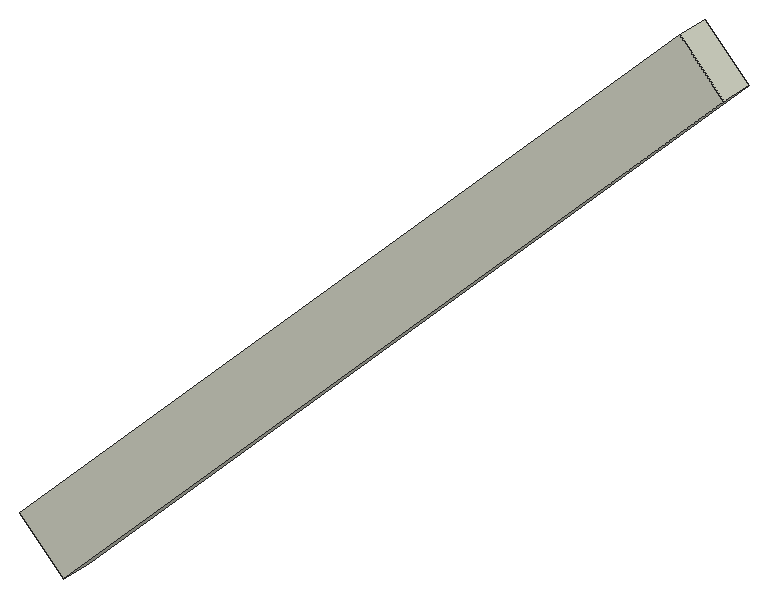
Revit family "グレーチング_H形鋼", category Generic Models, Revit 2020
Family settings
  Can host rebar = No
  Round Connector Dimension = Use Diameter
  Part Type = Normal
  Work Plane-Based = Yes
  Always vertical = No
  Cut with Voids When Loaded = No
  Shared = No
  Room Calculation Point = No
Parameters (values of type "Ｈ 100 x 50")
  高さ = 100 mm
  長辺 [instance] = 長さ  # 1500 mm
  長さ [instance] = 1500 mm
  部屋名 = ""
  角度 [instance] = 45.00°
  Default Elevation = 1219.2 mm
  構造マテリアル = E614_グレーチング
  幅 = 50 mm
Types (33, lengths in mm): name | 高さ | 長辺 | 長さ | 角度 | 幅
  Ｈ 900 x 300 | 900 | 1000 | 1000 | 45.00° | 300
  Ｈ 800 x 300 | 800 | 1000 | 1000 | 45.00° | 300
  Ｈ 700 x 300 | 700 | 1000 | 1000 | 45.00° | 300
  Ｈ 588 x 300 | 588 | 1000 | 1000 | 45.00° | 300
  Ｈ 600 x 200 | 600 | 1000 | 1000 | 45.00° | 200
  Ｈ 488 x 300 | 488 | 1000 | 1000 | 45.00° | 300
  Ｈ 500 x 200 | 500 | 1000 | 1000 | 45.00° | 200
  Ｈ 440 x 300 | 440 | 1000 | 1000 | 45.00° | 300
  Ｈ 450 x 200 | 450 | 1000 | 1000 | 90.00° | 200
  Ｈ 400 x 400 | 400 | 1000 | 1000 | 45.00° | 400
  Ｈ 390 x 300 | 390 | 1000 | 1000 | 45.00° | 300
  Ｈ 400 x 200 | 400 | 1000 | 1000 | 45.00° | 200
  Ｈ 350 x 350 | 350 | 1000 | 1000 | 45.00° | 350
  Ｈ 340 x 250 | 340 | 1000 | 1000 | 45.00° | 250
  Ｈ 294 x 200 | 294 | 1000 | 1000 | 45.00° | 200
  Ｈ 244 x 175 | 244 | 1000 | 1000 | 45.00° | 175
  Ｈ 350 x 175 | 350 | 1000 | 1000 | 45.00° | 175
  Ｈ 300 x 300 | 300 | 1000 | 1000 | 45.00° | 300
  Ｈ 300 x 150 | 300 | 1000 | 1000 | 45.00° | 150
  Ｈ 250 x 250 | 250 | 1000 | 1000 | 45.00° | 250
  Ｈ 250 x 125 | 250 | 1000 | 1000 | 45.00° | 125
  Ｈ 200 x 200 | 200 | 1000 | 1000 | 45.00° | 200
  Ｈ 194 x 150 | 194 | 1000 | 1000 | 45.00° | 150
  Ｈ 200 x 100 | 200 | 1000 | 1000 | 45.00° | 100
  Ｈ 175 x 175 | 175 | 1000 | 1000 | 45.00° | 175
  Ｈ 175 x 90 | 175 | 1000 | 1000 | 45.00° | 90
  Ｈ 150 x 150 | 150 | 500 | 500 | 45.00° | 150
  Ｈ 148 x 100 | 148 | 1000 | 1000 | 45.00° | 100
  Ｈ 150 x 75 | 150 | 1000 | 1000 | 45.00° | 75
  Ｈ 125 x 125 | 125 | 500 | 500 | 45.00° | 125
  Ｈ 125 x 60 | 125 | 1000 | 1000 | 45.00° | 60
  Ｈ 100 x100 | 100 | 500 | 500 | 45.00° | 100
  Ｈ 100 x 50 | 100 | 1500 | 1500 | 45.00° | 50
Reference planes
  plane 1 "中心(正面/背面)": y = 0
  plane 2: z = 0
  plane 3 "中心(左/右)": x = 0
Lines and regions (mm)
  reference lines
    curve 1: line (0, 0, 0) -> (777.817, 0, 777.817)
    curve 2: line (35.355, 0, -35.355) -> (-35.355, 0, 35.355)
    curve 3: line (1096.016, 0, 1025.305) -> (1025.305, 0, 1096.016)
Dimensions and locks
  equal spacing: curve 2, curve 1, curve 2
  "高さ": curve 2 to curve 2
  equal spacing: curve 3, curve 1, curve 3
  "高さ": curve 3 to curve 3
  "長さ": curve 3 to curve 2
  "角度": angle level to curve 1
  angle curve 2 to curve 1 = 90.00°
  angle curve 3 to curve 1 = 90.00°
  aligned and locked: level to plane 2
  aligned and locked: level to curve 1
  aligned and locked: plane 3 "中心(左/右)" to curve 1
  aligned and locked: nested 1 to curve 1
Nested families
  nested 1: "グレーチング_H形鋼 1" at (-35.355, 0, 35.355) x (0, 1, 0) z (0.7071, 0, -0.7071), 長さ <- "長さ", type "Ｈ 100 x 50"
    with 長辺 1500 mm, 長さ 1500 mm
Definition of nested family "グレーチング_H形鋼 1"
  Parameters (values of type "Ｈ 150 x 150")
    高さ = 150 mm
    長辺 [instance] = 長さ  # 500 mm
    長さ [instance] = 500 mm
    部屋名 = ""
    Default Elevation = 1219.2 mm
    構造マテリアル = none
    幅 = 150 mm
  Types (33, lengths in mm): name | 高さ | 長辺 | 長さ | 幅
    Ｈ 900 x 300 | 900 | 1000 | 1000 | 300
    Ｈ 800 x 300 | 800 | 1000 | 1000 | 300
    Ｈ 700 x 300 | 700 | 1000 | 1000 | 300
    Ｈ 588 x 300 | 588 | 1000 | 1000 | 300
    Ｈ 600 x 200 | 600 | 1000 | 1000 | 200
    Ｈ 488 x 300 | 488 | 1000 | 1000 | 300
    Ｈ 500 x 200 | 500 | 1000 | 1000 | 200
    Ｈ 440 x 300 | 440 | 1000 | 1000 | 300
    Ｈ 450 x 200 | 450 | 1000 | 1000 | 200
    Ｈ 400 x 400 | 400 | 1000 | 1000 | 400
    Ｈ 390 x 300 | 390 | 1000 | 1000 | 300
    Ｈ 400 x 200 | 400 | 1000 | 1000 | 200
    Ｈ 350 x 350 | 350 | 1000 | 1000 | 350
    Ｈ 340 x 250 | 340 | 1000 | 1000 | 250
    Ｈ 294 x 200 | 294 | 1000 | 1000 | 200
    Ｈ 244 x 175 | 244 | 1000 | 1000 | 175
    Ｈ 350 x 175 | 350 | 1000 | 1000 | 175
    Ｈ 300 x 300 | 300 | 1000 | 1000 | 300
    Ｈ 300 x 150 | 300 | 500 | 500 | 150
    Ｈ 250 x 250 | 250 | 500 | 500 | 250
    Ｈ 250 x 125 | 250 | 500 | 500 | 125
    Ｈ 200 x 200 | 200 | 500 | 500 | 200
    Ｈ 194 x 150 | 194 | 500 | 500 | 150
    Ｈ 200 x 100 | 200 | 500 | 500 | 100
    Ｈ 175 x 175 | 175 | 500 | 500 | 175
    Ｈ 175 x 90 | 175 | 500 | 500 | 90
    Ｈ 150 x 150 | 150 | 500 | 500 | 150
    Ｈ 148 x 100 | 148 | 500 | 500 | 100
    Ｈ 150 x 75 | 150 | 500 | 500 | 75
    Ｈ 125 x 125 | 125 | 500 | 500 | 125
    Ｈ 125 x 60 | 125 | 500 | 500 | 60
    Ｈ 100 x100 | 100 | 500 | 500 | 100
    Ｈ 100 x 50 | 100 | 500 | 500 | 50
  Reference planes
    plane 1 "中心(正面/背面)": y = 0
    plane 2: z = 0
    plane 3 "中心(左/右)": x = 0
    plane 4: z = 75
    plane 5: z = 150
  Forms (mm)
    Extrusion 1, solid, material <- "構造マテリアル"
      sketch origin (0, 0, 0) x (1, 0, 0) y (0, 1, 0)
        loop
          line (-75, 500) -> (-75, 0) -> (75, 0) -> (75, 500) -> (-75, 500)
      from 0 to 150
  Lines and regions (mm)
    reference lines
      curve 1: line (75, 500, 0) -> (-75, 500, 0)
      curve 2: line (75, 0, 0) -> (-75, 0, 0)
  Dimensions and locks
    "長さ": curve 1 to curve 2
    "幅": Extrusion 1 to Extrusion 1
    equal spacing: Extrusion 1, plane 3 "中心(左/右)", Extrusion 1
    "幅": curve 1 to curve 1
    equal spacing: curve 1, plane 3 "中心(左/右)", curve 1
    "幅": curve 2 to curve 2
    equal spacing: curve 2, plane 3 "中心(左/右)", curve 2
    equal spacing: plane 5, plane 4, level
    "高さ": plane 5 to level
    aligned and locked: level to plane 2
    aligned and locked: Extrusion 1 to curve 2
    aligned and locked: curve 1 to Extrusion 1
    aligned and locked: plane 5 to Extrusion 1
  Automatic sketch dimensions
    Extrusion 1 sketch curve to plane 3 "中心(左/右)" = 75 mm
    plane 3 "中心(左/右)" to Extrusion 1 sketch curve = 75 mm
    plane 1 "中心(正面/背面)" to Extrusion 1 sketch curve = 0 mm
    Extrusion 1 sketch curve to plane 1 "中心(正面/背面)" = 500 mm
    plane 1 "中心(正面/背面)" to curve 2 = 0 mm
